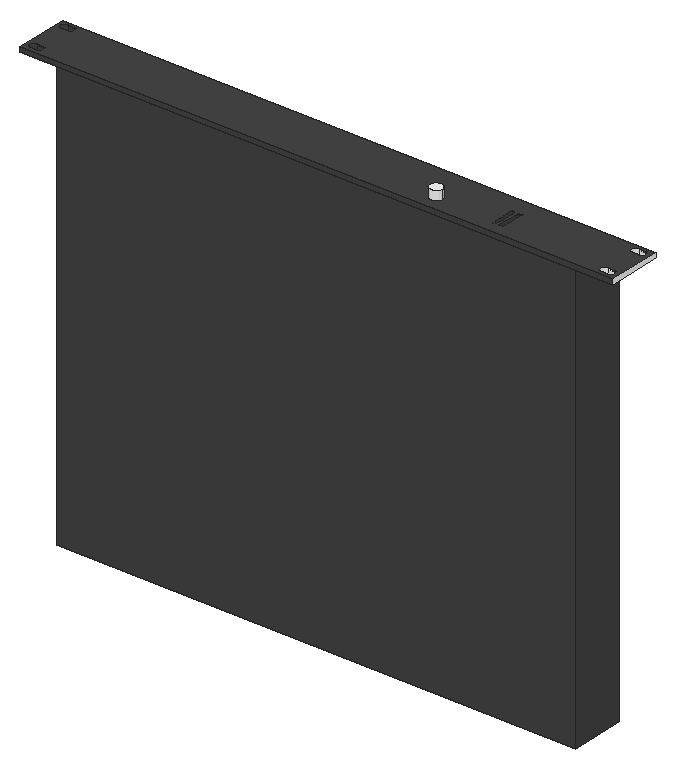
Revit family "Digital_Media-Honeywell-VARIODYN_D1-583361(2)-22", category Electrical Equipment, host Face, Revit 2017
Family settings
  Host = Face
  Round Connector Dimension = Use Diameter
  Part Type = Other Panel
  OmniClass Number = 23.85.50.00
  OmniClass Title = Communication Systems
  Cut with Voids When Loaded = No
  Shared = No
  Room Calculation Point = No
Parameters (values of type "DOM4-24 - 24 Loudspeakers - 583362")
  Width = 483 mm  # constant formula
  Weight = if(Constraints = 1, 5.69998 kgf, 6.79997 kgf)  # 6.79997 kgf
  Watts = 50 W
  Voltage = "90"
  Version = "2017 - v1.0a"  # constant formula
  Utility = no
  Rated Voltage = "90 ... 254 V AC"  # constant formula
  Rated Frequency = "47 ... 63 Hz"  # constant formula
  Power Factor = 1
  Power Consumption = "50 / 80 W"  # constant formula
  Number of Poles = 1
  Manufacturer Phone Number = "02131/40615-600"  # constant formula
  Manufacturer Fax Number = "02131/40615-606"  # constant formula
  Manufacturer Email = "mailto:info@esser-systems.com"
  Manufacturer Address = "Dieselstr. 2 41469 Neuss Germany"  # constant formula
  Load Sub-Classification = no
  Frequency = 47 Hz
  Finish = Metal - Honeywell - Stainless Steel - Black
  URL = "www.esser-systems.com"
  Support Phone = "(224) 699-9545"  # constant formula
  Support Email = "mailto:support@anguleris.com"
  Product Page URL = "https://www.esser-systems.com/en/products/details/variodyn-d1/digital-output-module/58336222-digital-output-module-dom4-24/"
  Product Name = if(Constraints = 1, "DOM4-8", "DOM4-24")  # "DOM4-24"
  Product Documentation Link = "https://www.esser-systems.com/en/products/details/variodyn-d1/digital-output-module/58336222-digital-output-module-dom4-24/download/productdatasheet/3000796"
  Model = if(Constraints = 1, "583361.22", "583362.22")  # "583362.22"
  Material = ""
  Manufacturer = "Honeywell International"  # constant formula
  Keynote = ""
  Height = 44 mm  # constant formula
  Description = if(Constraints = 1, "Digital Output Module DOM4-8", "Digital Output Module DOM4-24")  # "Digital Output Module DOM4-24"
  Depth = if(Constraints = 1, 345 mm, 349 mm)  # 349 mm
  Default Elevation = 1219.2 mm
  Copyright = "© Copyright 2005-2019 Honeywell International Inc. All rights reserved."  # constant formula
  Contact Load Relay = "100 V DC/1 A"  # constant formula
  Constraints = 2
  Assembly Code = ""
  Apparent Load = 0 VA
  Ambient Temperature = "-5 °C ... 55 °C"  # constant formula
  Air Humidity = "15 ... 90 % (non-condensing)"  # constant formula
Types (2, lengths in mm): name | Weight | Load Sub-Classification | Product Page URL | Product Name | Product Documentation Link | Model | Description | Depth | Constraints
  DOM4-8 - 8 Loudspeakers - 583361 | 5.69998 kgf | yes | "https://www.esser-systems.com/en/products/details/variodyn-d1/digital-output-module/58336122-digital-output-module-dom4-8/" | "DOM4-8" | "https://www.esser-systems.com/en/products/details/variodyn-d1/digital-output-module/58336122-digital-output-module-dom4-8/download/productdatasheet/3000568" | "583361.22" | "Digital Output Module DOM4-8" | 345 | 1
  DOM4-24 - 24 Loudspeakers - 583362 | 6.79997 kgf | no | "https://www.esser-systems.com/en/products/details/variodyn-d1/digital-output-module/58336222-digital-output-module-dom4-24/" | "DOM4-24" | "https://www.esser-systems.com/en/products/details/variodyn-d1/digital-output-module/58336222-digital-output-module-dom4-24/download/productdatasheet/3000796" | "583362.22" | "Digital Output Module DOM4-24" | 349 | 2
Reference planes
  plane 1 "Center (Front/Back)": y = 317.025
  plane 2: z = 0
  plane 3 "Center (Left/Right)": x = 0
  plane 4: y = -880.175
  plane 5: x = -241.5
  plane 6: x = 241.5
  plane 7: y = 339.025
  plane 8: y = 295.025
  plane 9 "Back": z = -349
  plane 10: z = 10.875
  plane 11: x = -158.75
Forms (mm)
  Extrusion 1, void
    sketch origin (0, 0, 0) x (1, 0, 0) y (0, 1, 0)
      loop
        line (-241.5, 339.025) -> (-241.5, 295.025) -> (241.5, 295.025) -> (241.5, 339.025) -> (-241.5, 339.025)
    from -349 to 10.875
  Extrusion 2, solid, material "Metal - Honeywell - Stainless Steel - Black" <- "Finish"
    sketch origin (0, 0, 0) x (1, 0, 0) y (0, 1, 0)
      loop
        line (241.5, 295.025) -> (241.5, 339.025) -> (-241.5, 339.025) -> (-241.5, 295.025) -> (241.5, 295.025)
      loop
        arc (-235.25, 336.051) -> (-238.398, 332.904) -> (-235.25, 329.756) r 3.148
        line (-235.25, 329.756) -> (-230.408, 329.756)
        arc (-230.408, 329.756) -> (-227.26, 332.904) -> (-230.408, 336.051) r 3.148
        line (-230.408, 336.051) -> (-235.25, 336.051)
      loop
        line (-235.25, 297.999) -> (-230.408, 297.999)
        arc (-230.408, 297.999) -> (-227.26, 301.147) -> (-230.408, 304.295) r 3.148
        line (-230.408, 304.295) -> (-235.25, 304.295)
        arc (-235.25, 304.295) -> (-238.398, 301.147) -> (-235.25, 297.999) r 3.148
      loop
        line (235.25, 336.051) -> (230.408, 336.051)
        arc (230.408, 336.051) -> (227.26, 332.904) -> (230.408, 329.756) r 3.148
        line (230.408, 329.756) -> (235.25, 329.756)
        arc (235.25, 329.756) -> (238.398, 332.904) -> (235.25, 336.051) r 3.148
      loop
        arc (235.25, 297.999) -> (238.398, 301.147) -> (235.25, 304.295) r 3.148
        line (235.25, 304.295) -> (230.408, 304.295)
        arc (230.408, 304.295) -> (227.26, 301.147) -> (230.408, 297.999) r 3.148
        line (230.408, 297.999) -> (235.25, 297.999)
      loop
        line (135.721, 324.251) -> (135.721, 304.785) -> (139.19, 304.785) -> (139.19, 324.251) -> (135.721, 324.251)
      loop
        line (141.31, 324.251) -> (141.31, 304.785) -> (145.1, 304.785) -> (145.1, 324.251) -> (141.31, 324.251)
    from 0 to 4
  Extrusion 3, solid, material "Metal - Honeywell - Stainless Steel - Black"
    sketch origin (0, 0, 0) x (1, 0, 0) y (0, 1, 0)
      loop
        line (-211.379, 339.025) -> (-211.379, 295.025) -> (211.5, 295.025) -> (211.5, 339.025) -> (-211.379, 339.025)
    from 0 to -349
  Extrusion 4, solid, material "Metal - Honeywell - Stainless Steel - White"
    sketch origin (0, 0, 0) x (1, 0, 0) y (0, 1, 0)
      loop
        circle (86.854, 308.903) r 5
    from 4 to 10.875
Lines and regions (mm)
  Masking region 1
    outline origin (0, 317.025, 0) x (1, 0, 0) y (0, 0, 1)
      loop
        line (-241.5, -349) -> (241.5, -349) -> (241.5, 4) -> (-241.5, 4) -> (-241.5, -349)
  Split face 1
    outline origin (0, 0, 4) x (1, 0, 0) y (0, 1, 0)
      loop
        line (-165.165, 321.69) -> (-165.165, 325.173) -> (-207.647, 325.173) -> (-207.647, 321.69) -> (-165.165, 321.69)
  Split face 2
    outline origin (0, 0, 4) x (1, 0, 0) y (0, 1, 0)
      loop
        line (-153.647, 325.173) -> (-153.647, 321.69) -> (-125.893, 321.69) -> (-125.893, 325.173) -> (-153.647, 325.173)
  Split face 3
    outline origin (0, 0, 4) x (1, 0, 0) y (0, 1, 0)
      loop
        line (-115.229, 325.173) -> (-115.229, 321.69) -> (-86.962, 321.69) -> (-86.962, 325.173) -> (-115.229, 325.173)
  Split face 4
    outline origin (0, 0, 4) x (1, 0, 0) y (0, 1, 0)
      loop
        line (-75.258, 325.173) -> (-75.258, 320.979) -> (-47.505, 320.979) -> (-47.505, 325.173) -> (-75.258, 325.173)
  Split face 5
    outline origin (0, 0, 4) x (1, 0, 0) y (0, 1, 0)
      loop
        line (-39.639, 325.173) -> (-39.639, 321.69) -> (-9.189, 321.69) -> (-9.189, 325.173) -> (-39.639, 325.173)
  Split face 6
    outline origin (0, 0, 4) x (1, 0, 0) y (0, 1, 0)
      loop
        line (27.216, 325.173) -> (27.216, 320.979) -> (58.228, 320.979) -> (58.228, 325.173) -> (27.216, 325.173)
  Split face 7
    outline origin (0, 0, 4) x (1, 0, 0) y (0, 1, 0)
      loop
        line (85.083, 324.35) -> (85.083, 320.979) -> (106.881, 320.979) -> (106.881, 324.35) -> (85.083, 324.35)
  Split face 8
    outline origin (0, 0, 4) x (1, 0, 0) y (0, 1, 0)
      loop
        line (112.612, 324.35) -> (112.612, 320.979) -> (134.073, 320.979) -> (134.073, 324.35) -> (112.612, 324.35)
  Split face 9
    outline origin (0, 0, 4) x (1, 0, 0) y (0, 1, 0)
      loop
        line (85.083, 318.732) -> (85.083, 315.136) -> (106.881, 315.136) -> (106.881, 318.732) -> (85.083, 318.732)
  Split face 10
    outline origin (0, 0, 4) x (1, 0, 0) y (0, 1, 0)
      loop
        line (112.612, 318.732) -> (112.612, 315.024) -> (134.073, 315.024) -> (134.073, 318.732) -> (112.612, 318.732)
  Split face 11
    outline origin (0, 0, 4) x (1, 0, 0) y (0, 1, 0)
      loop
        line (92.611, 312.889) -> (92.611, 309.63) -> (106.881, 309.63) -> (106.881, 312.889) -> (92.611, 312.889)
  Split face 12
    outline origin (0, 0, 4) x (1, 0, 0) y (0, 1, 0)
      loop
        line (178.589, 339.025) -> (178.589, 295.025)
  Split face 13
    outline origin (0, 0, 4) x (1, 0, 0) y (0, 1, 0)
      loop
        spline (154.856, 314.824) -> (155.087, 313.152) -> (155.762, 311.594) -> (156.838, 310.256) -> (158.239, 309.229) -> (159.871, 308.584) -> (161.623, 308.364) -> (163.374, 308.584) -> (165.006, 309.229) -> (166.407, 310.256) -> (167.483, 311.594) -> (168.159, 313.152) -> (168.389, 314.824)
        spline (168.389, 314.824) -> (168.159, 316.496) -> (167.483, 318.054) -> (166.407, 319.392) -> (165.006, 320.418) -> (163.374, 321.063) -> (161.623, 321.284) -> (159.871, 321.063) -> (158.239, 320.418) -> (156.838, 319.392) -> (155.762, 318.054) -> (155.087, 316.496) -> (154.856, 314.824)
  Split face 14
    outline origin (0, 0, 4) x (1, 0, 0) y (0, 1, 0)
      loop
        spline (157.824, 315.024) -> (157.954, 314.158) -> (158.333, 313.351) -> (158.937, 312.659) -> (159.724, 312.127) -> (160.64, 311.793) -> (161.623, 311.679) -> (162.606, 311.793) -> (163.522, 312.127) -> (164.308, 312.659) -> (164.912, 313.351) -> (165.291, 314.158) -> (165.421, 315.024)
        spline (165.421, 315.024) -> (165.291, 315.89) -> (164.912, 316.696) -> (164.308, 317.389) -> (163.522, 317.921) -> (162.606, 318.255) -> (161.623, 318.369) -> (160.64, 318.255) -> (159.724, 317.921) -> (158.937, 317.389) -> (158.333, 316.696) -> (157.954, 315.89) -> (157.824, 315.024)
  Split face 15
    outline origin (0, 0, 4) x (1, 0, 0) y (0, 1, 0)
      loop
        line (167.355, 336.051) -> (155.239, 336.051) -> (155.239, 331.544) -> (162.922, 329.599) -> (155.239, 326.954) -> (155.239, 323.13) -> (167.798, 323.13) -> (167.798, 325.716) -> (160.115, 325.716) -> (167.355, 328.209) -> (167.355, 330.679) -> (159.911, 333.098) -> (167.355, 333.098) -> (167.355, 336.051)
  Split face 16
    outline origin (0, 0, 4) x (1, 0, 0) y (0, 1, 0)
      loop
        line (155.239, 296.163) -> (168.087, 296.163) -> (168.087, 302.822)
        arc (168.087, 302.822) -> (161.842, 307.086) -> (155.239, 303.401) r 7.186
        line (155.239, 303.401) -> (155.239, 296.163)
  Split face 17
    outline origin (0, 0, 4) x (1, 0, 0) y (0, 1, 0)
      loop
        line (158.235, 298.45) -> (165.561, 298.45) -> (165.561, 302.284)
        arc (165.561, 302.284) -> (161.898, 304.301) -> (158.235, 302.284) r 4.335
        line (158.235, 302.284) -> (158.235, 298.45)
  Split face 18
    outline origin (-241.5, 339.025, 0) x (1, 0, 0) y (0, 0, -1)
      loop
        line (420.212, -4) -> (420.212, 0)
  Split face 19
    outline origin (241.5, 295.025, 0) x (-1, 0, 0) y (0, 0, -1)
      loop
        line (62.911, -4) -> (62.911, 0)
Dimensions and locks
  "Default Elevation": plane 4 to plane 7
  plane 10 to Masking region 1 = 6.875 mm
  "Depth": level to plane 9 "Back"
  "Height": plane 8 to plane 7
  equal spacing: plane 5, plane 3 "Center (Left/Right)", plane 6
  "Width": plane 5 to plane 6
  equal spacing: plane 8, plane 1 "Center (Front/Back)", plane 7
  locked: plane 10 to level at 10.875
  locked: plane 5 to Extrusion 3 sketch curve at 30.121
  locked: Extrusion 3 sketch curve to plane 6 at 30
  locked: Extrusion 2 to level at 4
  Extrusion 2 sketch curve to Extrusion 2 sketch curve to Extrusion 2 sketch curve to Extrusion 2 sketch curve to plane 3 "Center (Left/Right)" to Extrusion 2 sketch curve to Extrusion 2 sketch curve to Extrusion 2 sketch curve to Extrusion 2 sketch curve to Extrusion 2 sketch curve to Extrusion 2 sketch curve to Extrusion 2 sketch curve to Extrusion 2 sketch curve = 0 mm locked, 11.139 mm locked, 0 mm locked, 227.26 mm locked, 135.721 mm locked, 3.469 mm locked, 2.12 mm locked, 3.79 mm locked, 82.159 mm locked, 0 mm locked, 11.139 mm locked, 0 mm locked
  Extrusion 2 sketch curve to Extrusion 2 sketch curve to Extrusion 2 sketch curve to Extrusion 2 sketch curve to Extrusion 2 sketch curve to Extrusion 2 sketch curve to plane 1 "Center (Front/Back)" to Extrusion 2 sketch curve to Extrusion 2 sketch curve to Extrusion 2 sketch curve to Extrusion 2 sketch curve to Extrusion 2 sketch curve to Extrusion 2 sketch curve = 0 mm locked, 6.296 mm locked, 0 mm locked, 0.49 mm locked, 0 mm locked, 12.24 mm locked, 7.226 mm locked, 0 mm locked, 5.505 mm locked, 0 mm locked, 6.296 mm locked, 0 mm locked
  locked: plane 3 "Center (Left/Right)" to Extrusion 4 sketch curve at 81.854
  locked: Extrusion 4 sketch curve to plane 1 "Center (Front/Back)" at 13.122
  aligned and locked: plane 2 to host face
  aligned and locked: Masking region 1 sketch curve to plane 9 "Back"
  aligned and locked: plane 7 to Extrusion 1 sketch curve
  aligned and locked: Extrusion 1 sketch curve to plane 6
  aligned and locked: plane 5 to Extrusion 1 sketch curve
  aligned and locked: Masking region 1 to plane 6
  aligned and locked: Masking region 1 to plane 5
  aligned and locked: Extrusion 1 to plane 9 "Back"
  aligned and locked: plane 10 to Extrusion 1
  aligned and locked: plane 7 to Extrusion 3 sketch curve
  aligned and locked: Extrusion 3 sketch curve to plane 8
  aligned and locked: Extrusion 3 to plane 9 "Back"
  aligned and locked: level to Extrusion 3
  aligned and locked: plane 10 to Extrusion 4
  aligned and locked: Extrusion 4 to Extrusion 2
  aligned and locked: Masking region 1 to Extrusion 2
Automatic sketch dimensions
  host sketch curve to host sketch curve = 2438.4 mm  (x2)
  Masking region 1 sketch curve to plane 10 = 6.875 mm
  plane 8 to Extrusion 1 sketch curve = 0 mm
  Masking region 1 sketch curve to plane 11 = 82.75 mm
  Masking region 1 sketch curve to plane 6 = 0 mm
  Split face 1 sketch curve to Extrusion 2 = 8.066 mm
  Split face 1 sketch curve to Extrusion 2 = 33.853 mm
  Split face 1 sketch curve to Extrusion 2 = 4.582 mm
  Split face 1 sketch curve to Split face 1 sketch curve = 42.481 mm
  Split face 2 sketch curve to Extrusion 2 = 8.066 mm
  Split face 2 sketch curve to Extrusion 2 = 87.853 mm
  Split face 2 sketch curve to Split face 2 sketch curve = 27.753 mm
  Split face 2 sketch curve to Split face 2 sketch curve = 3.483 mm
  Split face 3 sketch curve to Extrusion 2 = 8.066 mm
  Split face 3 sketch curve to Extrusion 2 = 126.271 mm
  Split face 3 sketch curve to Split face 3 sketch curve = 28.267 mm
  Split face 3 sketch curve to Split face 3 sketch curve = 3.483 mm
  Split face 4 sketch curve to Extrusion 2 = 8.776 mm
  Split face 4 sketch curve to Extrusion 2 = 166.242 mm
  Split face 4 sketch curve to Split face 4 sketch curve = 27.754 mm
  Split face 4 sketch curve to Split face 4 sketch curve = 4.194 mm
  Split face 5 sketch curve to Extrusion 2 = 8.066 mm
  Split face 5 sketch curve to Extrusion 2 = 201.861 mm
  Split face 5 sketch curve to Split face 5 sketch curve = 30.45 mm
  Split face 5 sketch curve to Split face 5 sketch curve = 3.483 mm
  Split face 6 sketch curve to Extrusion 2 = 8.776 mm
  Split face 6 sketch curve to Extrusion 2 = 214.284 mm
  Split face 6 sketch curve to Split face 6 sketch curve = 31.012 mm
  Split face 6 sketch curve to Split face 6 sketch curve = 4.194 mm
  Split face 7 sketch curve to Extrusion 2 = 8.776 mm
  Split face 7 sketch curve to Extrusion 2 = 156.417 mm
  Split face 7 sketch curve to Split face 7 sketch curve = 21.798 mm
  Split face 7 sketch curve to Split face 7 sketch curve = 3.371 mm
  Split face 8 sketch curve to Extrusion 2 = 8.776 mm
  Split face 8 sketch curve to Extrusion 2 = 128.888 mm
  Split face 8 sketch curve to Split face 8 sketch curve = 21.461 mm
  Split face 8 sketch curve to Split face 8 sketch curve = 3.371 mm
  Split face 9 sketch curve to Extrusion 2 = 10.841 mm
  Split face 9 sketch curve to Extrusion 2 = 156.417 mm
  Split face 9 sketch curve to Split face 9 sketch curve = 21.798 mm
  Split face 9 sketch curve to Split face 9 sketch curve = 3.596 mm
  Split face 10 sketch curve to Extrusion 2 = 10.729 mm
  Split face 10 sketch curve to Extrusion 2 = 128.888 mm
  Split face 10 sketch curve to Split face 10 sketch curve = 21.461 mm
  Split face 10 sketch curve to Split face 10 sketch curve = 3.708 mm
  Split face 11 sketch curve to Extrusion 2 = 5.336 mm
  Split face 11 sketch curve to Extrusion 2 = 148.889 mm
  Split face 11 sketch curve to Split face 11 sketch curve = 14.27 mm
  Split face 11 sketch curve to Split face 11 sketch curve = 3.259 mm
  Extrusion 2 sketch curve to plane 5 = 0 mm
  Extrusion 2 sketch curve to plane 6 = 0 mm
  plane 8 to Extrusion 2 sketch curve = 0 mm
  plane 7 to Extrusion 2 sketch curve = 0 mm
  Extrusion 2 to Split face 12 sketch curve = 0 mm
  Split face 12 sketch curve to Extrusion 2 = 0 mm
  Split face 12 sketch curve to Extrusion 2 = 33.489 mm
  Split face 13 sketch curve to Extrusion 2 = 9.755 mm
  Extrusion 2 to Split face 13 sketch curve = 9.427 mm
  Split face 13 sketch curve to Split face 13 sketch curve = 6.767 mm
  Split face 14 sketch curve to Extrusion 2 = 12.724 mm
  Extrusion 2 to Split face 14 sketch curve = 9.227 mm
  Split face 14 sketch curve to Split face 14 sketch curve = 3.798 mm
  Split face 15 sketch curve to Extrusion 2 = 0.156 mm
  Extrusion 2 to Split face 15 sketch curve = 0 mm
  Split face 15 sketch curve to Extrusion 2 = 2.802 mm
  Split face 15 sketch curve to Extrusion 2 = 10.138 mm
  Split face 15 sketch curve to Split face 15 sketch curve = 0 mm  (x2)
  Split face 15 sketch curve to Split face 15 sketch curve = 4.672 mm
  Split face 15 sketch curve to Extrusion 2 = 1.465 mm
  Split face 15 sketch curve to Split face 15 sketch curve = 4.876 mm
  Split face 15 sketch curve to Split face 15 sketch curve = 3.011 mm
  Split face 15 sketch curve to Extrusion 2 = 1.546 mm
  Split face 15 sketch curve to Split face 15 sketch curve = 4.433 mm
  Extrusion 2 to Split face 15 sketch curve = 1.121 mm
  Split face 15 sketch curve to Split face 15 sketch curve = 0.443 mm
  Extrusion 2 to Split face 15 sketch curve = 0.923 mm
  Extrusion 2 to Split face 15 sketch curve = 1.789 mm
  Extrusion 2 to Split face 15 sketch curve = 3.342 mm
  Split face 16 sketch curve to Extrusion 2 = 1.138 mm
  Split face 16 sketch curve to Extrusion 2 = 10.138 mm
  Extrusion 2 to Split face 16 sketch curve = 1.908 mm
  Split face 16 sketch curve to Split face 16 sketch curve = 6.28 mm
  Extrusion 2 to Split face 16 sketch curve = 1.473 mm
  Extrusion 2 to Split face 16 sketch curve = 0.894 mm
  Extrusion 2 to Split face 17 sketch curve = 0.451 mm
  Split face 17 sketch curve to Extrusion 2 = 13.134 mm
  Extrusion 2 to Split face 17 sketch curve = 1.967 mm
  Split face 17 sketch curve to Split face 17 sketch curve = 3.663 mm  (x2)
  Extrusion 2 to Split face 17 sketch curve = 2.011 mm
  Split face 18 sketch curve to Extrusion 2 = 0 mm  (x2)
  Split face 18 sketch curve to Extrusion 2 = 62.788 mm
  Split face 19 sketch curve to Extrusion 2 = 0 mm  (x2)
  Split face 19 sketch curve to Extrusion 2 = 62.911 mm
  radius of Extrusion 4 sketch curve = 5 mm
Connectors
  electrical at (200, 320, -349), driven by "Power Factor", driven by "Number of Poles", driven by "Apparent Load"
    settings: index 1, voltage 90 V, apparent load 0 VA, apparent load phase1 0 VA, apparent load phase2 0 VA, apparent load phase3 0 VA, power factor 1, load classification "Other", number of poles 1, system type 31, power factor state 1, is connector primary yes, connector utility no, sub classification motor no, connector description "Electrical Connector"
  electrical at (-150, 310, -349)
    settings: index 2, voltage 0 V, apparent load 0 VA, apparent load phase1 0 VA, apparent load phase2 0 VA, apparent load phase3 0 VA, power factor 1, load classification "Other", number of poles 1, system type 5, power factor state 1, is connector primary no, connector utility no, sub classification motor no, connector description "Ethernet"
